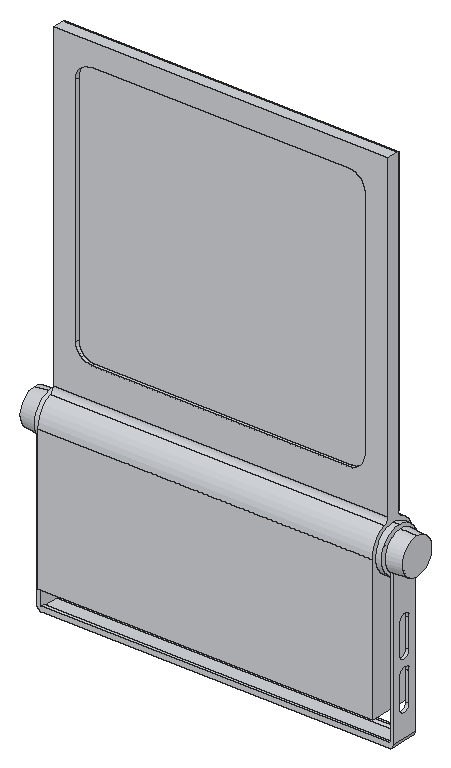
Revit family "63_PHILIPS_ClearFlood Large_BVP651", category Lighting Fixtures, host Face, Revit 2014 (continued)
Definition of nested family "BVP651 IES Data"
  Types (357, lengths in mm): name | Wattage | built-in parameter 1150134 | Photometric Web File | built-in parameter 1150105 | Lumens | Lamp | built-in parameter 1150107 | built-in parameter 1150106 | built-in parameter 1150104 | Apparent Load
    50K 1xECO_740 DC | 383 W | 12 | "BVP651 50K 1xECO_740 DC.ies" | 3978.9 (stored number, unit not read) | 50000 lm | "ECO/740/-" | 4000 (stored number, unit not read) | 39.789 (stored number, unit not read) | 12.128 (stored number, unit not read) | 383 VA
    50K 1xECO_740 DC LO | 383 W | 12 | "BVP651 50K 1xECO_740 DC LO.ies" | 3978.9 (stored number, unit not read) | 50000 lm | "ECO/740/-" | 4000 (stored number, unit not read) | 39.789 (stored number, unit not read) | 12.128 (stored number, unit not read) | 383 VA
    50K 1xECO_740 A60 | 383 W | 12 | "BVP651 50K 1xECO_740 A60.ies" | 3978.9 (stored number, unit not read) | 50000 lm | "ECO/740/-" | 4000 (stored number, unit not read) | 39.789 (stored number, unit not read) | 12.128 (stored number, unit not read) | 383 VA
    50K 1xECO_740 A60 LO | 383 W | 12 | "BVP651 50K 1xECO_740 A60 LO.ies" | 3978.9 (stored number, unit not read) | 50000 lm | "ECO/740/-" | 4000 (stored number, unit not read) | 39.789 (stored number, unit not read) | 12.128 (stored number, unit not read) | 383 VA
    50K 1xECO_740 A28-MB | 383 W | 12 | "BVP651 50K 1xECO_740 A28-MB.ies" | 3978.9 (stored number, unit not read) | 50000 lm | "ECO/740/-" | 4000 (stored number, unit not read) | 39.789 (stored number, unit not read) | 12.128 (stored number, unit not read) | 383 VA
    50K 1xECO_740 A28-MB LO | 383 W | 12 | "BVP651 50K 1xECO_740 A28-MB LO.ies" | 3978.9 (stored number, unit not read) | 50000 lm | "ECO/740/-" | 4000 (stored number, unit not read) | 39.789 (stored number, unit not read) | 12.128 (stored number, unit not read) | 383 VA
    49K 1xECO_730 OFA52 | 433 W | (empty or 0) | "BVP651 49K 1xECO_730 OFA52.ies" | 3899.3 (stored number, unit not read) | 49000 lm | "ECO/730/-" | 3000 (stored number, unit not read) | 38.993 (stored number, unit not read) | 10.513 (stored number, unit not read) | 433 VA
    49K 1xECO_730 OFA52 LO | 433 W | (empty or 0) | "BVP651 49K 1xECO_730 OFA52 LO.ies" | 3899.3 (stored number, unit not read) | 49000 lm | "ECO/730/-" | 3000 (stored number, unit not read) | 38.993 (stored number, unit not read) | 10.513 (stored number, unit not read) | 433 VA
    49K 1xECO_730 O-S | 433 W | (empty or 0) | "BVP651 49K 1xECO_730 O-S.ies" | 3899.3 (stored number, unit not read) | 49000 lm | "ECO/730/-" | 3000 (stored number, unit not read) | 38.993 (stored number, unit not read) | 10.513 (stored number, unit not read) | 433 VA
    49K 1xECO_730 NB | 433 W | (empty or 0) | "BVP651 49K 1xECO_730 NB.ies" | 3899.3 (stored number, unit not read) | 49000 lm | "ECO/730/-" | 3000 (stored number, unit not read) | 38.993 (stored number, unit not read) | 10.513 (stored number, unit not read) | 433 VA
    49K 1xECO_730 DW | 433 W | (empty or 0) | "BVP651 49K 1xECO_730 DW.ies" | 3899.3 (stored number, unit not read) | 49000 lm | "ECO/730/-" | 3000 (stored number, unit not read) | 38.993 (stored number, unit not read) | 10.513 (stored number, unit not read) | 433 VA
    49K 1xECO_730 DW LO | 433 W | (empty or 0) | "BVP651 49K 1xECO_730 DW LO.ies" | 3899.3 (stored number, unit not read) | 49000 lm | "ECO/730/-" | 3000 (stored number, unit not read) | 38.993 (stored number, unit not read) | 10.513 (stored number, unit not read) | 433 VA
    49K 1xECO_730 DSN | 433 W | (empty or 0) | "BVP651 49K 1xECO_730 DSN.ies" | 3899.3 (stored number, unit not read) | 49000 lm | "ECO/730/-" | 3000 (stored number, unit not read) | 38.993 (stored number, unit not read) | 10.513 (stored number, unit not read) | 433 VA
    49K 1xECO_730 DM | 433 W | (empty or 0) | "BVP651 49K 1xECO_730 DM.ies" | 3899.3 (stored number, unit not read) | 49000 lm | "ECO/730/-" | 3000 (stored number, unit not read) | 38.993 (stored number, unit not read) | 10.513 (stored number, unit not read) | 433 VA
    49K 1xECO_730 DM LO | 433 W | (empty or 0) | "BVP651 49K 1xECO_730 DM LO.ies" | 3899.3 (stored number, unit not read) | 49000 lm | "ECO/730/-" | 3000 (stored number, unit not read) | 38.993 (stored number, unit not read) | 10.513 (stored number, unit not read) | 433 VA
    49K 1xECO_730 DK | 433 W | (empty or 0) | "BVP651 49K 1xECO_730 DK.ies" | 3899.3 (stored number, unit not read) | 49000 lm | "ECO/730/-" | 3000 (stored number, unit not read) | 38.993 (stored number, unit not read) | 10.513 (stored number, unit not read) | 433 VA
    49K 1xECO_730 DK LO | 433 W | (empty or 0) | "BVP651 49K 1xECO_730 DK LO.ies" | 3899.3 (stored number, unit not read) | 49000 lm | "ECO/730/-" | 3000 (stored number, unit not read) | 38.993 (stored number, unit not read) | 10.513 (stored number, unit not read) | 433 VA
    49K 1xECO_730 DC | 433 W | (empty or 0) | "BVP651 49K 1xECO_730 DC.ies" | 3899.3 (stored number, unit not read) | 49000 lm | "ECO/730/-" | 3000 (stored number, unit not read) | 38.993 (stored number, unit not read) | 10.513 (stored number, unit not read) | 433 VA
    49K 1xECO_730 DC LO | 433 W | (empty or 0) | "BVP651 49K 1xECO_730 DC LO.ies" | 3899.3 (stored number, unit not read) | 49000 lm | "ECO/730/-" | 3000 (stored number, unit not read) | 38.993 (stored number, unit not read) | 10.513 (stored number, unit not read) | 433 VA
    49K 1xECO_730 A60 | 433 W | (empty or 0) | "BVP651 49K 1xECO_730 A60.ies" | 3899.3 (stored number, unit not read) | 49000 lm | "ECO/730/-" | 3000 (stored number, unit not read) | 38.993 (stored number, unit not read) | 10.513 (stored number, unit not read) | 433 VA
    49K 1xECO_730 A60 LO | 433 W | (empty or 0) | "BVP651 49K 1xECO_730 A60 LO.ies" | 3899.3 (stored number, unit not read) | 49000 lm | "ECO/730/-" | 3000 (stored number, unit not read) | 38.993 (stored number, unit not read) | 10.513 (stored number, unit not read) | 433 VA
    49K 1xECO_730 A28-MB | 433 W | (empty or 0) | "BVP651 49K 1xECO_730 A28-MB.ies" | 3899.3 (stored number, unit not read) | 49000 lm | "ECO/730/-" | 3000 (stored number, unit not read) | 38.993 (stored number, unit not read) | 10.513 (stored number, unit not read) | 433 VA
    49K 1xECO_730 A28-MB LO | 433 W | (empty or 0) | "BVP651 49K 1xECO_730 A28-MB LO.ies" | 3899.3 (stored number, unit not read) | 49000 lm | "ECO/730/-" | 3000 (stored number, unit not read) | 38.993 (stored number, unit not read) | 10.513 (stored number, unit not read) | 433 VA
    45K 1xECO_757 OFA52 | 336 W | (empty or 0) | "BVP651 45K 1xECO_757 OFA52.ies" | 3581 (stored number, unit not read) | 45000 lm | "ECO/757/-" | 5700 (stored number, unit not read) | 35.81 (stored number, unit not read) | 12.442 (stored number, unit not read) | 336 VA
    45K 1xECO_757 OFA52 LO | 336 W | (empty or 0) | "BVP651 45K 1xECO_757 OFA52 LO.ies" | 3581 (stored number, unit not read) | 45000 lm | "ECO/757/-" | 5700 (stored number, unit not read) | 35.81 (stored number, unit not read) | 12.442 (stored number, unit not read) | 336 VA
    45K 1xECO_757 O-S | 336 W | (empty or 0) | "BVP651 45K 1xECO_757 O-S.ies" | 3581 (stored number, unit not read) | 45000 lm | "ECO/757/-" | 5700 (stored number, unit not read) | 35.81 (stored number, unit not read) | 12.442 (stored number, unit not read) | 336 VA
    45K 1xECO_757 NB | 336 W | (empty or 0) | "BVP651 45K 1xECO_757 NB.ies" | 3581 (stored number, unit not read) | 45000 lm | "ECO/757/-" | 5700 (stored number, unit not read) | 35.81 (stored number, unit not read) | 12.442 (stored number, unit not read) | 336 VA
    45K 1xECO_757 DW | 336 W | (empty or 0) | "BVP651 45K 1xECO_757 DW.ies" | 3581 (stored number, unit not read) | 45000 lm | "ECO/757/-" | 5700 (stored number, unit not read) | 35.81 (stored number, unit not read) | 12.442 (stored number, unit not read) | 336 VA
    45K 1xECO_757 DW LO | 336 W | (empty or 0) | "BVP651 45K 1xECO_757 DW LO.ies" | 3581 (stored number, unit not read) | 45000 lm | "ECO/757/-" | 5700 (stored number, unit not read) | 35.81 (stored number, unit not read) | 12.442 (stored number, unit not read) | 336 VA
    45K 1xECO_757 DSN | 336 W | (empty or 0) | "BVP651 45K 1xECO_757 DSN.ies" | 3581 (stored number, unit not read) | 45000 lm | "ECO/757/-" | 5700 (stored number, unit not read) | 35.81 (stored number, unit not read) | 12.442 (stored number, unit not read) | 336 VA
    45K 1xECO_757 DM | 336 W | (empty or 0) | "BVP651 45K 1xECO_757 DM.ies" | 3581 (stored number, unit not read) | 45000 lm | "ECO/757/-" | 5700 (stored number, unit not read) | 35.81 (stored number, unit not read) | 12.442 (stored number, unit not read) | 336 VA
    45K 1xECO_757 DM LO | 336 W | (empty or 0) | "BVP651 45K 1xECO_757 DM LO.ies" | 3581 (stored number, unit not read) | 45000 lm | "ECO/757/-" | 5700 (stored number, unit not read) | 35.81 (stored number, unit not read) | 12.442 (stored number, unit not read) | 336 VA
    45K 1xECO_757 DK | 336 W | (empty or 0) | "BVP651 45K 1xECO_757 DK.ies" | 3581 (stored number, unit not read) | 45000 lm | "ECO/757/-" | 5700 (stored number, unit not read) | 35.81 (stored number, unit not read) | 12.442 (stored number, unit not read) | 336 VA
    45K 1xECO_757 DK LO | 336 W | (empty or 0) | "BVP651 45K 1xECO_757 DK LO.ies" | 3581 (stored number, unit not read) | 45000 lm | "ECO/757/-" | 5700 (stored number, unit not read) | 35.81 (stored number, unit not read) | 12.442 (stored number, unit not read) | 336 VA
    45K 1xECO_757 DC | 336 W | (empty or 0) | "BVP651 45K 1xECO_757 DC.ies" | 3581 (stored number, unit not read) | 45000 lm | "ECO/757/-" | 5700 (stored number, unit not read) | 35.81 (stored number, unit not read) | 12.442 (stored number, unit not read) | 336 VA
    45K 1xECO_757 DC LO | 336 W | (empty or 0) | "BVP651 45K 1xECO_757 DC LO.ies" | 3581 (stored number, unit not read) | 45000 lm | "ECO/757/-" | 5700 (stored number, unit not read) | 35.81 (stored number, unit not read) | 12.442 (stored number, unit not read) | 336 VA
    45K 1xECO_757 A60 | 336 W | (empty or 0) | "BVP651 45K 1xECO_757 A60.ies" | 3581 (stored number, unit not read) | 45000 lm | "ECO/757/-" | 5700 (stored number, unit not read) | 35.81 (stored number, unit not read) | 12.442 (stored number, unit not read) | 336 VA
    45K 1xECO_757 A60 LO | 336 W | (empty or 0) | "BVP651 45K 1xECO_757 A60 LO.ies" | 3581 (stored number, unit not read) | 45000 lm | "ECO/757/-" | 5700 (stored number, unit not read) | 35.81 (stored number, unit not read) | 12.442 (stored number, unit not read) | 336 VA
    45K 1xECO_757 A28-MB | 336 W | (empty or 0) | "BVP651 45K 1xECO_757 A28-MB.ies" | 3581 (stored number, unit not read) | 45000 lm | "ECO/757/-" | 5700 (stored number, unit not read) | 35.81 (stored number, unit not read) | 12.442 (stored number, unit not read) | 336 VA
    45K 1xECO_757 A28-MB LO | 336 W | (empty or 0) | "BVP651 45K 1xECO_757 A28-MB LO.ies" | 3581 (stored number, unit not read) | 45000 lm | "ECO/757/-" | 5700 (stored number, unit not read) | 35.81 (stored number, unit not read) | 12.442 (stored number, unit not read) | 336 VA
    45K 1xECO_740 OFA52 | 336 W | 12 | "BVP651 45K 1xECO_740 OFA52.ies" | 3581 (stored number, unit not read) | 45000 lm | "ECO/740/-" | 4000 (stored number, unit not read) | 35.81 (stored number, unit not read) | 12.442 (stored number, unit not read) | 336 VA
    45K 1xECO_740 OFA52 LO | 336 W | 12 | "BVP651 45K 1xECO_740 OFA52 LO.ies" | 3581 (stored number, unit not read) | 45000 lm | "ECO/740/-" | 4000 (stored number, unit not read) | 35.81 (stored number, unit not read) | 12.442 (stored number, unit not read) | 336 VA
    45K 1xECO_740 O-S | 336 W | 12 | "BVP651 45K 1xECO_740 O-S.ies" | 3581 (stored number, unit not read) | 45000 lm | "ECO/740/-" | 4000 (stored number, unit not read) | 35.81 (stored number, unit not read) | 12.442 (stored number, unit not read) | 336 VA
    45K 1xECO_740 NB | 336 W | 12 | "BVP651 45K 1xECO_740 NB.ies" | 3581 (stored number, unit not read) | 45000 lm | "ECO/740/-" | 4000 (stored number, unit not read) | 35.81 (stored number, unit not read) | 12.442 (stored number, unit not read) | 336 VA
    45K 1xECO_740 DW | 336 W | 12 | "BVP651 45K 1xECO_740 DW.ies" | 3581 (stored number, unit not read) | 45000 lm | "ECO/740/-" | 4000 (stored number, unit not read) | 35.81 (stored number, unit not read) | 12.442 (stored number, unit not read) | 336 VA
    45K 1xECO_740 DW LO | 336 W | 12 | "BVP651 45K 1xECO_740 DW LO.ies" | 3581 (stored number, unit not read) | 45000 lm | "ECO/740/-" | 4000 (stored number, unit not read) | 35.81 (stored number, unit not read) | 12.442 (stored number, unit not read) | 336 VA
    45K 1xECO_740 DSN | 336 W | 12 | "BVP651 45K 1xECO_740 DSN.ies" | 3581 (stored number, unit not read) | 45000 lm | "ECO/740/-" | 4000 (stored number, unit not read) | 35.81 (stored number, unit not read) | 12.442 (stored number, unit not read) | 336 VA
    45K 1xECO_740 DM | 336 W | 12 | "BVP651 45K 1xECO_740 DM.ies" | 3581 (stored number, unit not read) | 45000 lm | "ECO/740/-" | 4000 (stored number, unit not read) | 35.81 (stored number, unit not read) | 12.442 (stored number, unit not read) | 336 VA
    45K 1xECO_740 DM LO | 336 W | 12 | "BVP651 45K 1xECO_740 DM LO.ies" | 3581 (stored number, unit not read) | 45000 lm | "ECO/740/-" | 4000 (stored number, unit not read) | 35.81 (stored number, unit not read) | 12.442 (stored number, unit not read) | 336 VA
    45K 1xECO_740 DK | 336 W | 12 | "BVP651 45K 1xECO_740 DK.ies" | 3581 (stored number, unit not read) | 45000 lm | "ECO/740/-" | 4000 (stored number, unit not read) | 35.81 (stored number, unit not read) | 12.442 (stored number, unit not read) | 336 VA
    45K 1xECO_740 DK LO | 336 W | 12 | "BVP651 45K 1xECO_740 DK LO.ies" | 3581 (stored number, unit not read) | 45000 lm | "ECO/740/-" | 4000 (stored number, unit not read) | 35.81 (stored number, unit not read) | 12.442 (stored number, unit not read) | 336 VA
    45K 1xECO_740 DC | 336 W | 12 | "BVP651 45K 1xECO_740 DC.ies" | 3581 (stored number, unit not read) | 45000 lm | "ECO/740/-" | 4000 (stored number, unit not read) | 35.81 (stored number, unit not read) | 12.442 (stored number, unit not read) | 336 VA
    45K 1xECO_740 DC LO | 336 W | 12 | "BVP651 45K 1xECO_740 DC LO.ies" | 3581 (stored number, unit not read) | 45000 lm | "ECO/740/-" | 4000 (stored number, unit not read) | 35.81 (stored number, unit not read) | 12.442 (stored number, unit not read) | 336 VA
    45K 1xECO_740 A60 | 336 W | 12 | "BVP651 45K 1xECO_740 A60.ies" | 3581 (stored number, unit not read) | 45000 lm | "ECO/740/-" | 4000 (stored number, unit not read) | 35.81 (stored number, unit not read) | 12.442 (stored number, unit not read) | 336 VA
    45K 1xECO_740 A60 LO | 336 W | 12 | "BVP651 45K 1xECO_740 A60 LO.ies" | 3581 (stored number, unit not read) | 45000 lm | "ECO/740/-" | 4000 (stored number, unit not read) | 35.81 (stored number, unit not read) | 12.442 (stored number, unit not read) | 336 VA
    45K 1xECO_740 A28-MB | 336 W | 12 | "BVP651 45K 1xECO_740 A28-MB.ies" | 3581 (stored number, unit not read) | 45000 lm | "ECO/740/-" | 4000 (stored number, unit not read) | 35.81 (stored number, unit not read) | 12.442 (stored number, unit not read) | 336 VA
    45K 1xECO_740 A28-MB LO | 336 W | 12 | "BVP651 45K 1xECO_740 A28-MB LO.ies" | 3581 (stored number, unit not read) | 45000 lm | "ECO/740/-" | 4000 (stored number, unit not read) | 35.81 (stored number, unit not read) | 12.442 (stored number, unit not read) | 336 VA
    44K 1xECO_730 OFA52 | 383 W | (empty or 0) | "BVP651 44K 1xECO_730 OFA52.ies" | 3501.4 (stored number, unit not read) | 44000 lm | "ECO/730/-" | 3000 (stored number, unit not read) | 35.014 (stored number, unit not read) | 10.673 (stored number, unit not read) | 383 VA
    44K 1xECO_730 OFA52 LO | 383 W | (empty or 0) | "BVP651 44K 1xECO_730 OFA52 LO.ies" | 3501.4 (stored number, unit not read) | 44000 lm | "ECO/730/-" | 3000 (stored number, unit not read) | 35.014 (stored number, unit not read) | 10.673 (stored number, unit not read) | 383 VA
    44K 1xECO_730 O-S | 383 W | (empty or 0) | "BVP651 44K 1xECO_730 O-S.ies" | 3501.4 (stored number, unit not read) | 44000 lm | "ECO/730/-" | 3000 (stored number, unit not read) | 35.014 (stored number, unit not read) | 10.673 (stored number, unit not read) | 383 VA
    44K 1xECO_730 NB | 383 W | (empty or 0) | "BVP651 44K 1xECO_730 NB.ies" | 3501.4 (stored number, unit not read) | 44000 lm | "ECO/730/-" | 3000 (stored number, unit not read) | 35.014 (stored number, unit not read) | 10.673 (stored number, unit not read) | 383 VA
    44K 1xECO_730 DW | 383 W | (empty or 0) | "BVP651 44K 1xECO_730 DW.ies" | 3501.4 (stored number, unit not read) | 44000 lm | "ECO/730/-" | 3000 (stored number, unit not read) | 35.014 (stored number, unit not read) | 10.673 (stored number, unit not read) | 383 VA
    44K 1xECO_730 DW LO | 383 W | (empty or 0) | "BVP651 44K 1xECO_730 DW LO.ies" | 3501.4 (stored number, unit not read) | 44000 lm | "ECO/730/-" | 3000 (stored number, unit not read) | 35.014 (stored number, unit not read) | 10.673 (stored number, unit not read) | 383 VA
    44K 1xECO_730 DSN | 383 W | (empty or 0) | "BVP651 44K 1xECO_730 DSN.ies" | 3501.4 (stored number, unit not read) | 44000 lm | "ECO/730/-" | 3000 (stored number, unit not read) | 35.014 (stored number, unit not read) | 10.673 (stored number, unit not read) | 383 VA
    44K 1xECO_730 DM | 383 W | (empty or 0) | "BVP651 44K 1xECO_730 DM.ies" | 3501.4 (stored number, unit not read) | 44000 lm | "ECO/730/-" | 3000 (stored number, unit not read) | 35.014 (stored number, unit not read) | 10.673 (stored number, unit not read) | 383 VA
    44K 1xECO_730 DM LO | 383 W | (empty or 0) | "BVP651 44K 1xECO_730 DM LO.ies" | 3501.4 (stored number, unit not read) | 44000 lm | "ECO/730/-" | 3000 (stored number, unit not read) | 35.014 (stored number, unit not read) | 10.673 (stored number, unit not read) | 383 VA
    44K 1xECO_730 DK | 383 W | (empty or 0) | "BVP651 44K 1xECO_730 DK.ies" | 3501.4 (stored number, unit not read) | 44000 lm | "ECO/730/-" | 3000 (stored number, unit not read) | 35.014 (stored number, unit not read) | 10.673 (stored number, unit not read) | 383 VA
    44K 1xECO_730 DK LO | 383 W | (empty or 0) | "BVP651 44K 1xECO_730 DK LO.ies" | 3501.4 (stored number, unit not read) | 44000 lm | "ECO/730/-" | 3000 (stored number, unit not read) | 35.014 (stored number, unit not read) | 10.673 (stored number, unit not read) | 383 VA
    44K 1xECO_730 DC | 383 W | (empty or 0) | "BVP651 44K 1xECO_730 DC.ies" | 3501.4 (stored number, unit not read) | 44000 lm | "ECO/730/-" | 3000 (stored number, unit not read) | 35.014 (stored number, unit not read) | 10.673 (stored number, unit not read) | 383 VA
    44K 1xECO_730 DC LO | 383 W | (empty or 0) | "BVP651 44K 1xECO_730 DC LO.ies" | 3501.4 (stored number, unit not read) | 44000 lm | "ECO/730/-" | 3000 (stored number, unit not read) | 35.014 (stored number, unit not read) | 10.673 (stored number, unit not read) | 383 VA
    44K 1xECO_730 A60 | 383 W | (empty or 0) | "BVP651 44K 1xECO_730 A60.ies" | 3501.4 (stored number, unit not read) | 44000 lm | "ECO/730/-" | 3000 (stored number, unit not read) | 35.014 (stored number, unit not read) | 10.673 (stored number, unit not read) | 383 VA
    44K 1xECO_730 A60 LO | 383 W | (empty or 0) | "BVP651 44K 1xECO_730 A60 LO.ies" | 3501.4 (stored number, unit not read) | 44000 lm | "ECO/730/-" | 3000 (stored number, unit not read) | 35.014 (stored number, unit not read) | 10.673 (stored number, unit not read) | 383 VA
    44K 1xECO_730 A28-MB | 383 W | (empty or 0) | "BVP651 44K 1xECO_730 A28-MB.ies" | 3501.4 (stored number, unit not read) | 44000 lm | "ECO/730/-" | 3000 (stored number, unit not read) | 35.014 (stored number, unit not read) | 10.673 (stored number, unit not read) | 383 VA
    44K 1xECO_730 A28-MB LO | 383 W | (empty or 0) | "BVP651 44K 1xECO_730 A28-MB LO.ies" | 3501.4 (stored number, unit not read) | 44000 lm | "ECO/730/-" | 3000 (stored number, unit not read) | 35.014 (stored number, unit not read) | 10.673 (stored number, unit not read) | 383 VA
    40K 1xECO_757 OFA52 | 293 W | (empty or 0) | "BVP651 40K 1xECO_757 OFA52.ies" | 3183.1 (stored number, unit not read) | 40000 lm | "ECO/757/-" | 5700 (stored number, unit not read) | 31.831 (stored number, unit not read) | 12.683 (stored number, unit not read) | 293 VA
    40K 1xECO_757 OFA52 LO | 293 W | (empty or 0) | "BVP651 40K 1xECO_757 OFA52 LO.ies" | 3183.1 (stored number, unit not read) | 40000 lm | "ECO/757/-" | 5700 (stored number, unit not read) | 31.831 (stored number, unit not read) | 12.683 (stored number, unit not read) | 293 VA
    40K 1xECO_757 O-S | 293 W | (empty or 0) | "BVP651 40K 1xECO_757 O-S.ies" | 3183.1 (stored number, unit not read) | 40000 lm | "ECO/757/-" | 5700 (stored number, unit not read) | 31.831 (stored number, unit not read) | 12.683 (stored number, unit not read) | 293 VA
    40K 1xECO_757 NB | 293 W | (empty or 0) | "BVP651 40K 1xECO_757 NB.ies" | 3183.1 (stored number, unit not read) | 40000 lm | "ECO/757/-" | 5700 (stored number, unit not read) | 31.831 (stored number, unit not read) | 12.683 (stored number, unit not read) | 293 VA
    40K 1xECO_757 DW | 293 W | (empty or 0) | "BVP651 40K 1xECO_757 DW.ies" | 3183.1 (stored number, unit not read) | 40000 lm | "ECO/757/-" | 5700 (stored number, unit not read) | 31.831 (stored number, unit not read) | 12.683 (stored number, unit not read) | 293 VA
    40K 1xECO_757 DW LO | 293 W | (empty or 0) | "BVP651 40K 1xECO_757 DW LO.ies" | 3183.1 (stored number, unit not read) | 40000 lm | "ECO/757/-" | 5700 (stored number, unit not read) | 31.831 (stored number, unit not read) | 12.683 (stored number, unit not read) | 293 VA
    40K 1xECO_757 DSN | 293 W | (empty or 0) | "BVP651 40K 1xECO_757 DSN.ies" | 3183.1 (stored number, unit not read) | 40000 lm | "ECO/757/-" | 5700 (stored number, unit not read) | 31.831 (stored number, unit not read) | 12.683 (stored number, unit not read) | 293 VA
    40K 1xECO_757 DM | 293 W | (empty or 0) | "BVP651 40K 1xECO_757 DM.ies" | 3183.1 (stored number, unit not read) | 40000 lm | "ECO/757/-" | 5700 (stored number, unit not read) | 31.831 (stored number, unit not read) | 12.683 (stored number, unit not read) | 293 VA
    40K 1xECO_757 DM LO | 293 W | (empty or 0) | "BVP651 40K 1xECO_757 DM LO.ies" | 3183.1 (stored number, unit not read) | 40000 lm | "ECO/757/-" | 5700 (stored number, unit not read) | 31.831 (stored number, unit not read) | 12.683 (stored number, unit not read) | 293 VA
    40K 1xECO_757 DK | 293 W | (empty or 0) | "BVP651 40K 1xECO_757 DK.ies" | 3183.1 (stored number, unit not read) | 40000 lm | "ECO/757/-" | 5700 (stored number, unit not read) | 31.831 (stored number, unit not read) | 12.683 (stored number, unit not read) | 293 VA
    40K 1xECO_757 DK LO | 293 W | (empty or 0) | "BVP651 40K 1xECO_757 DK LO.ies" | 3183.1 (stored number, unit not read) | 40000 lm | "ECO/757/-" | 5700 (stored number, unit not read) | 31.831 (stored number, unit not read) | 12.683 (stored number, unit not read) | 293 VA
    40K 1xECO_757 DC | 293 W | (empty or 0) | "BVP651 40K 1xECO_757 DC.ies" | 3183.1 (stored number, unit not read) | 40000 lm | "ECO/757/-" | 5700 (stored number, unit not read) | 31.831 (stored number, unit not read) | 12.683 (stored number, unit not read) | 293 VA
    40K 1xECO_757 DC LO | 293 W | (empty or 0) | "BVP651 40K 1xECO_757 DC LO.ies" | 3183.1 (stored number, unit not read) | 40000 lm | "ECO/757/-" | 5700 (stored number, unit not read) | 31.831 (stored number, unit not read) | 12.683 (stored number, unit not read) | 293 VA
    40K 1xECO_757 A60 | 293 W | (empty or 0) | "BVP651 40K 1xECO_757 A60.ies" | 3183.1 (stored number, unit not read) | 40000 lm | "ECO/757/-" | 5700 (stored number, unit not read) | 31.831 (stored number, unit not read) | 12.683 (stored number, unit not read) | 293 VA
    40K 1xECO_757 A60 LO | 293 W | (empty or 0) | "BVP651 40K 1xECO_757 A60 LO.ies" | 3183.1 (stored number, unit not read) | 40000 lm | "ECO/757/-" | 5700 (stored number, unit not read) | 31.831 (stored number, unit not read) | 12.683 (stored number, unit not read) | 293 VA
    40K 1xECO_757 A28-MB | 293 W | (empty or 0) | "BVP651 40K 1xECO_757 A28-MB.ies" | 3183.1 (stored number, unit not read) | 40000 lm | "ECO/757/-" | 5700 (stored number, unit not read) | 31.831 (stored number, unit not read) | 12.683 (stored number, unit not read) | 293 VA
    40K 1xECO_757 A28-MB LO | 293 W | (empty or 0) | "BVP651 40K 1xECO_757 A28-MB LO.ies" | 3183.1 (stored number, unit not read) | 40000 lm | "ECO/757/-" | 5700 (stored number, unit not read) | 31.831 (stored number, unit not read) | 12.683 (stored number, unit not read) | 293 VA
    40K 1xECO_740 OFA52 | 293 W | 12 | "BVP651 40K 1xECO_740 OFA52.ies" | 3183.1 (stored number, unit not read) | 40000 lm | "ECO/740/-" | 4000 (stored number, unit not read) | 31.831 (stored number, unit not read) | 12.683 (stored number, unit not read) | 293 VA
    40K 1xECO_740 OFA52 LO | 293 W | 12 | "BVP651 40K 1xECO_740 OFA52 LO.ies" | 3183.1 (stored number, unit not read) | 40000 lm | "ECO/740/-" | 4000 (stored number, unit not read) | 31.831 (stored number, unit not read) | 12.683 (stored number, unit not read) | 293 VA
    40K 1xECO_740 O-S | 293 W | 12 | "BVP651 40K 1xECO_740 O-S.ies" | 3183.1 (stored number, unit not read) | 40000 lm | "ECO/740/-" | 4000 (stored number, unit not read) | 31.831 (stored number, unit not read) | 12.683 (stored number, unit not read) | 293 VA
    40K 1xECO_740 NB | 293 W | 12 | "BVP651 40K 1xECO_740 NB.ies" | 3183.1 (stored number, unit not read) | 40000 lm | "ECO/740/-" | 4000 (stored number, unit not read) | 31.831 (stored number, unit not read) | 12.683 (stored number, unit not read) | 293 VA
    40K 1xECO_740 DW | 293 W | 12 | "BVP651 40K 1xECO_740 DW.ies" | 3183.1 (stored number, unit not read) | 40000 lm | "ECO/740/-" | 4000 (stored number, unit not read) | 31.831 (stored number, unit not read) | 12.683 (stored number, unit not read) | 293 VA
    40K 1xECO_740 DW LO | 293 W | 12 | "BVP651 40K 1xECO_740 DW LO.ies" | 3183.1 (stored number, unit not read) | 40000 lm | "ECO/740/-" | 4000 (stored number, unit not read) | 31.831 (stored number, unit not read) | 12.683 (stored number, unit not read) | 293 VA
    40K 1xECO_740 DSN | 293 W | 12 | "BVP651 40K 1xECO_740 DSN.ies" | 3183.1 (stored number, unit not read) | 40000 lm | "ECO/740/-" | 4000 (stored number, unit not read) | 31.831 (stored number, unit not read) | 12.683 (stored number, unit not read) | 293 VA
    40K 1xECO_740 DM | 293 W | 12 | "BVP651 40K 1xECO_740 DM.ies" | 3183.1 (stored number, unit not read) | 40000 lm | "ECO/740/-" | 4000 (stored number, unit not read) | 31.831 (stored number, unit not read) | 12.683 (stored number, unit not read) | 293 VA
    40K 1xECO_740 DM LO | 293 W | 12 | "BVP651 40K 1xECO_740 DM LO.ies" | 3183.1 (stored number, unit not read) | 40000 lm | "ECO/740/-" | 4000 (stored number, unit not read) | 31.831 (stored number, unit not read) | 12.683 (stored number, unit not read) | 293 VA
    40K 1xECO_740 DK | 293 W | 12 | "BVP651 40K 1xECO_740 DK.ies" | 3183.1 (stored number, unit not read) | 40000 lm | "ECO/740/-" | 4000 (stored number, unit not read) | 31.831 (stored number, unit not read) | 12.683 (stored number, unit not read) | 293 VA
    40K 1xECO_740 DK LO | 293 W | 12 | "BVP651 40K 1xECO_740 DK LO.ies" | 3183.1 (stored number, unit not read) | 40000 lm | "ECO/740/-" | 4000 (stored number, unit not read) | 31.831 (stored number, unit not read) | 12.683 (stored number, unit not read) | 293 VA
    40K 1xECO_740 DC | 293 W | 12 | "BVP651 40K 1xECO_740 DC.ies" | 3183.1 (stored number, unit not read) | 40000 lm | "ECO/740/-" | 4000 (stored number, unit not read) | 31.831 (stored number, unit not read) | 12.683 (stored number, unit not read) | 293 VA
    40K 1xECO_740 DC LO | 293 W | 12 | "BVP651 40K 1xECO_740 DC LO.ies" | 3183.1 (stored number, unit not read) | 40000 lm | "ECO/740/-" | 4000 (stored number, unit not read) | 31.831 (stored number, unit not read) | 12.683 (stored number, unit not read) | 293 VA
    40K 1xECO_740 A60 | 293 W | 12 | "BVP651 40K 1xECO_740 A60.ies" | 3183.1 (stored number, unit not read) | 40000 lm | "ECO/740/-" | 4000 (stored number, unit not read) | 31.831 (stored number, unit not read) | 12.683 (stored number, unit not read) | 293 VA
    40K 1xECO_740 A60 LO | 293 W | 12 | "BVP651 40K 1xECO_740 A60 LO.ies" | 3183.1 (stored number, unit not read) | 40000 lm | "ECO/740/-" | 4000 (stored number, unit not read) | 31.831 (stored number, unit not read) | 12.683 (stored number, unit not read) | 293 VA
    40K 1xECO_740 A28-MB | 293 W | 12 | "BVP651 40K 1xECO_740 A28-MB.ies" | 3183.1 (stored number, unit not read) | 40000 lm | "ECO/740/-" | 4000 (stored number, unit not read) | 31.831 (stored number, unit not read) | 12.683 (stored number, unit not read) | 293 VA
    40K 1xECO_740 A28-MB LO | 293 W | 12 | "BVP651 40K 1xECO_740 A28-MB LO.ies" | 3183.1 (stored number, unit not read) | 40000 lm | "ECO/740/-" | 4000 (stored number, unit not read) | 31.831 (stored number, unit not read) | 12.683 (stored number, unit not read) | 293 VA
    40K 1xECO_730 OFA52 | 336 W | (empty or 0) | "BVP651 40K 1xECO_730 OFA52.ies" | 3183.1 (stored number, unit not read) | 40000 lm | "ECO/730/-" | 3000 (stored number, unit not read) | 31.831 (stored number, unit not read) | 11.06 (stored number, unit not read) | 336 VA
    40K 1xECO_730 OFA52 LO | 336 W | (empty or 0) | "BVP651 40K 1xECO_730 OFA52 LO.ies" | 3183.1 (stored number, unit not read) | 40000 lm | "ECO/730/-" | 3000 (stored number, unit not read) | 31.831 (stored number, unit not read) | 11.06 (stored number, unit not read) | 336 VA
    40K 1xECO_730 O-S | 336 W | (empty or 0) | "BVP651 40K 1xECO_730 O-S.ies" | 3183.1 (stored number, unit not read) | 40000 lm | "ECO/730/-" | 3000 (stored number, unit not read) | 31.831 (stored number, unit not read) | 11.06 (stored number, unit not read) | 336 VA
    40K 1xECO_730 NB | 336 W | (empty or 0) | "BVP651 40K 1xECO_730 NB.ies" | 3183.1 (stored number, unit not read) | 40000 lm | "ECO/730/-" | 3000 (stored number, unit not read) | 31.831 (stored number, unit not read) | 11.06 (stored number, unit not read) | 336 VA
    40K 1xECO_730 DW | 336 W | (empty or 0) | "BVP651 40K 1xECO_730 DW.ies" | 3183.1 (stored number, unit not read) | 40000 lm | "ECO/730/-" | 3000 (stored number, unit not read) | 31.831 (stored number, unit not read) | 11.06 (stored number, unit not read) | 336 VA
    40K 1xECO_730 DW LO | 336 W | (empty or 0) | "BVP651 40K 1xECO_730 DW LO.ies" | 3183.1 (stored number, unit not read) | 40000 lm | "ECO/730/-" | 3000 (stored number, unit not read) | 31.831 (stored number, unit not read) | 11.06 (stored number, unit not read) | 336 VA
    40K 1xECO_730 DSN | 336 W | (empty or 0) | "BVP651 40K 1xECO_730 DSN.ies" | 3183.1 (stored number, unit not read) | 40000 lm | "ECO/730/-" | 3000 (stored number, unit not read) | 31.831 (stored number, unit not read) | 11.06 (stored number, unit not read) | 336 VA
    40K 1xECO_730 DM | 336 W | (empty or 0) | "BVP651 40K 1xECO_730 DM.ies" | 3183.1 (stored number, unit not read) | 40000 lm | "ECO/730/-" | 3000 (stored number, unit not read) | 31.831 (stored number, unit not read) | 11.06 (stored number, unit not read) | 336 VA
    40K 1xECO_730 DM LO | 336 W | (empty or 0) | "BVP651 40K 1xECO_730 DM LO.ies" | 3183.1 (stored number, unit not read) | 40000 lm | "ECO/730/-" | 3000 (stored number, unit not read) | 31.831 (stored number, unit not read) | 11.06 (stored number, unit not read) | 336 VA
    40K 1xECO_730 DK | 336 W | (empty or 0) | "BVP651 40K 1xECO_730 DK.ies" | 3183.1 (stored number, unit not read) | 40000 lm | "ECO/730/-" | 3000 (stored number, unit not read) | 31.831 (stored number, unit not read) | 11.06 (stored number, unit not read) | 336 VA
    40K 1xECO_730 DK LO | 336 W | (empty or 0) | "BVP651 40K 1xECO_730 DK LO.ies" | 3183.1 (stored number, unit not read) | 40000 lm | "ECO/730/-" | 3000 (stored number, unit not read) | 31.831 (stored number, unit not read) | 11.06 (stored number, unit not read) | 336 VA
    40K 1xECO_730 DC | 336 W | (empty or 0) | "BVP651 40K 1xECO_730 DC.ies" | 3183.1 (stored number, unit not read) | 40000 lm | "ECO/730/-" | 3000 (stored number, unit not read) | 31.831 (stored number, unit not read) | 11.06 (stored number, unit not read) | 336 VA
    40K 1xECO_730 DC LO | 336 W | (empty or 0) | "BVP651 40K 1xECO_730 DC LO.ies" | 3183.1 (stored number, unit not read) | 40000 lm | "ECO/730/-" | 3000 (stored number, unit not read) | 31.831 (stored number, unit not read) | 11.06 (stored number, unit not read) | 336 VA
    40K 1xECO_730 A60 | 336 W | (empty or 0) | "BVP651 40K 1xECO_730 A60.ies" | 3183.1 (stored number, unit not read) | 40000 lm | "ECO/730/-" | 3000 (stored number, unit not read) | 31.831 (stored number, unit not read) | 11.06 (stored number, unit not read) | 336 VA
    40K 1xECO_730 A60 LO | 336 W | (empty or 0) | "BVP651 40K 1xECO_730 A60 LO.ies" | 3183.1 (stored number, unit not read) | 40000 lm | "ECO/730/-" | 3000 (stored number, unit not read) | 31.831 (stored number, unit not read) | 11.06 (stored number, unit not read) | 336 VA
    40K 1xECO_730 A28-MB | 336 W | (empty or 0) | "BVP651 40K 1xECO_730 A28-MB.ies" | 3183.1 (stored number, unit not read) | 40000 lm | "ECO/730/-" | 3000 (stored number, unit not read) | 31.831 (stored number, unit not read) | 11.06 (stored number, unit not read) | 336 VA
    40K 1xECO_730 A28-MB LO | 336 W | (empty or 0) | "BVP651 40K 1xECO_730 A28-MB LO.ies" | 3183.1 (stored number, unit not read) | 40000 lm | "ECO/730/-" | 3000 (stored number, unit not read) | 31.831 (stored number, unit not read) | 11.06 (stored number, unit not read) | 336 VA
    36K 1xECO_730 OFA52 | 293 W | (empty or 0) | "BVP651 36K 1xECO_730 OFA52.ies" | 2864.8 (stored number, unit not read) | 36000 lm | "ECO/730/-" | 3000 (stored number, unit not read) | 28.648 (stored number, unit not read) | 11.415 (stored number, unit not read) | 293 VA
    36K 1xECO_730 OFA52 LO | 293 W | (empty or 0) | "BVP651 36K 1xECO_730 OFA52 LO.ies" | 2864.8 (stored number, unit not read) | 36000 lm | "ECO/730/-" | 3000 (stored number, unit not read) | 28.648 (stored number, unit not read) | 11.415 (stored number, unit not read) | 293 VA
    36K 1xECO_730 O-S | 293 W | (empty or 0) | "BVP651 36K 1xECO_730 O-S.ies" | 2864.8 (stored number, unit not read) | 36000 lm | "ECO/730/-" | 3000 (stored number, unit not read) | 28.648 (stored number, unit not read) | 11.415 (stored number, unit not read) | 293 VA
    36K 1xECO_730 NB | 293 W | (empty or 0) | "BVP651 36K 1xECO_730 NB.ies" | 2864.8 (stored number, unit not read) | 36000 lm | "ECO/730/-" | 3000 (stored number, unit not read) | 28.648 (stored number, unit not read) | 11.415 (stored number, unit not read) | 293 VA
    36K 1xECO_730 DW | 293 W | (empty or 0) | "BVP651 36K 1xECO_730 DW.ies" | 2864.8 (stored number, unit not read) | 36000 lm | "ECO/730/-" | 3000 (stored number, unit not read) | 28.648 (stored number, unit not read) | 11.415 (stored number, unit not read) | 293 VA
    36K 1xECO_730 DW LO | 293 W | (empty or 0) | "BVP651 36K 1xECO_730 DW LO.ies" | 2864.8 (stored number, unit not read) | 36000 lm | "ECO/730/-" | 3000 (stored number, unit not read) | 28.648 (stored number, unit not read) | 11.415 (stored number, unit not read) | 293 VA
    36K 1xECO_730 DSN | 293 W | (empty or 0) | "BVP651 36K 1xECO_730 DSN.ies" | 2864.8 (stored number, unit not read) | 36000 lm | "ECO/730/-" | 3000 (stored number, unit not read) | 28.648 (stored number, unit not read) | 11.415 (stored number, unit not read) | 293 VA
    36K 1xECO_730 DM | 293 W | (empty or 0) | "BVP651 36K 1xECO_730 DM.ies" | 2864.8 (stored number, unit not read) | 36000 lm | "ECO/730/-" | 3000 (stored number, unit not read) | 28.648 (stored number, unit not read) | 11.415 (stored number, unit not read) | 293 VA
    36K 1xECO_730 DM LO | 293 W | (empty or 0) | "BVP651 36K 1xECO_730 DM LO.ies" | 2864.8 (stored number, unit not read) | 36000 lm | "ECO/730/-" | 3000 (stored number, unit not read) | 28.648 (stored number, unit not read) | 11.415 (stored number, unit not read) | 293 VA
    36K 1xECO_730 DK | 293 W | (empty or 0) | "BVP651 36K 1xECO_730 DK.ies" | 2864.8 (stored number, unit not read) | 36000 lm | "ECO/730/-" | 3000 (stored number, unit not read) | 28.648 (stored number, unit not read) | 11.415 (stored number, unit not read) | 293 VA
    36K 1xECO_730 DK LO | 293 W | (empty or 0) | "BVP651 36K 1xECO_730 DK LO.ies" | 2864.8 (stored number, unit not read) | 36000 lm | "ECO/730/-" | 3000 (stored number, unit not read) | 28.648 (stored number, unit not read) | 11.415 (stored number, unit not read) | 293 VA
    36K 1xECO_730 DC | 293 W | (empty or 0) | "BVP651 36K 1xECO_730 DC.ies" | 2864.8 (stored number, unit not read) | 36000 lm | "ECO/730/-" | 3000 (stored number, unit not read) | 28.648 (stored number, unit not read) | 11.415 (stored number, unit not read) | 293 VA
    36K 1xECO_730 DC LO | 293 W | (empty or 0) | "BVP651 36K 1xECO_730 DC LO.ies" | 2864.8 (stored number, unit not read) | 36000 lm | "ECO/730/-" | 3000 (stored number, unit not read) | 28.648 (stored number, unit not read) | 11.415 (stored number, unit not read) | 293 VA
    36K 1xECO_730 A60 | 293 W | (empty or 0) | "BVP651 36K 1xECO_730 A60.ies" | 2864.8 (stored number, unit not read) | 36000 lm | "ECO/730/-" | 3000 (stored number, unit not read) | 28.648 (stored number, unit not read) | 11.415 (stored number, unit not read) | 293 VA
    36K 1xECO_730 A60 LO | 293 W | (empty or 0) | "BVP651 36K 1xECO_730 A60 LO.ies" | 2864.8 (stored number, unit not read) | 36000 lm | "ECO/730/-" | 3000 (stored number, unit not read) | 28.648 (stored number, unit not read) | 11.415 (stored number, unit not read) | 293 VA
    36K 1xECO_730 A28-MB | 293 W | (empty or 0) | "BVP651 36K 1xECO_730 A28-MB.ies" | 2864.8 (stored number, unit not read) | 36000 lm | "ECO/730/-" | 3000 (stored number, unit not read) | 28.648 (stored number, unit not read) | 11.415 (stored number, unit not read) | 293 VA
    36K 1xECO_730 A28-MB LO | 293 W | (empty or 0) | "BVP651 36K 1xECO_730 A28-MB LO.ies" | 2864.8 (stored number, unit not read) | 36000 lm | "ECO/730/-" | 3000 (stored number, unit not read) | 28.648 (stored number, unit not read) | 11.415 (stored number, unit not read) | 293 VA
    35K 1xECO_757 OFA52 | 252 W | (empty or 0) | "BVP651 35K 1xECO_757 OFA52.ies" | 2785.2 (stored number, unit not read) | 35000 lm | "ECO/757/-" | 5700 (stored number, unit not read) | 27.852 (stored number, unit not read) | 12.903 (stored number, unit not read) | 252 VA
    35K 1xECO_757 OFA52 LO | 252 W | (empty or 0) | "BVP651 35K 1xECO_757 OFA52 LO.ies" | 2785.2 (stored number, unit not read) | 35000 lm | "ECO/757/-" | 5700 (stored number, unit not read) | 27.852 (stored number, unit not read) | 12.903 (stored number, unit not read) | 252 VA
    35K 1xECO_757 O-S | 252 W | (empty or 0) | "BVP651 35K 1xECO_757 O-S.ies" | 2785.2 (stored number, unit not read) | 35000 lm | "ECO/757/-" | 5700 (stored number, unit not read) | 27.852 (stored number, unit not read) | 12.903 (stored number, unit not read) | 252 VA
    35K 1xECO_757 NB | 252 W | (empty or 0) | "BVP651 35K 1xECO_757 NB.ies" | 2785.2 (stored number, unit not read) | 35000 lm | "ECO/757/-" | 5700 (stored number, unit not read) | 27.852 (stored number, unit not read) | 12.903 (stored number, unit not read) | 252 VA
    35K 1xECO_757 DW | 252 W | (empty or 0) | "BVP651 35K 1xECO_757 DW.ies" | 2785.2 (stored number, unit not read) | 35000 lm | "ECO/757/-" | 5700 (stored number, unit not read) | 27.852 (stored number, unit not read) | 12.903 (stored number, unit not read) | 252 VA
    35K 1xECO_757 DW LO | 252 W | (empty or 0) | "BVP651 35K 1xECO_757 DW LO.ies" | 2785.2 (stored number, unit not read) | 35000 lm | "ECO/757/-" | 5700 (stored number, unit not read) | 27.852 (stored number, unit not read) | 12.903 (stored number, unit not read) | 252 VA
    35K 1xECO_757 DSN | 252 W | (empty or 0) | "BVP651 35K 1xECO_757 DSN.ies" | 2785.2 (stored number, unit not read) | 35000 lm | "ECO/757/-" | 5700 (stored number, unit not read) | 27.852 (stored number, unit not read) | 12.903 (stored number, unit not read) | 252 VA
    35K 1xECO_757 DM | 252 W | (empty or 0) | "BVP651 35K 1xECO_757 DM.ies" | 2785.2 (stored number, unit not read) | 35000 lm | "ECO/757/-" | 5700 (stored number, unit not read) | 27.852 (stored number, unit not read) | 12.903 (stored number, unit not read) | 252 VA
    35K 1xECO_757 DM LO | 252 W | (empty or 0) | "BVP651 35K 1xECO_757 DM LO.ies" | 2785.2 (stored number, unit not read) | 35000 lm | "ECO/757/-" | 5700 (stored number, unit not read) | 27.852 (stored number, unit not read) | 12.903 (stored number, unit not read) | 252 VA
    35K 1xECO_757 DK | 252 W | (empty or 0) | "BVP651 35K 1xECO_757 DK.ies" | 2785.2 (stored number, unit not read) | 35000 lm | "ECO/757/-" | 5700 (stored number, unit not read) | 27.852 (stored number, unit not read) | 12.903 (stored number, unit not read) | 252 VA
    35K 1xECO_757 DK LO | 252 W | (empty or 0) | "BVP651 35K 1xECO_757 DK LO.ies" | 2785.2 (stored number, unit not read) | 35000 lm | "ECO/757/-" | 5700 (stored number, unit not read) | 27.852 (stored number, unit not read) | 12.903 (stored number, unit not read) | 252 VA
    35K 1xECO_757 DC | 252 W | (empty or 0) | "BVP651 35K 1xECO_757 DC.ies" | 2785.2 (stored number, unit not read) | 35000 lm | "ECO/757/-" | 5700 (stored number, unit not read) | 27.852 (stored number, unit not read) | 12.903 (stored number, unit not read) | 252 VA
    35K 1xECO_757 DC LO | 252 W | (empty or 0) | "BVP651 35K 1xECO_757 DC LO.ies" | 2785.2 (stored number, unit not read) | 35000 lm | "ECO/757/-" | 5700 (stored number, unit not read) | 27.852 (stored number, unit not read) | 12.903 (stored number, unit not read) | 252 VA
    35K 1xECO_757 A60 | 252 W | (empty or 0) | "BVP651 35K 1xECO_757 A60.ies" | 2785.2 (stored number, unit not read) | 35000 lm | "ECO/757/-" | 5700 (stored number, unit not read) | 27.852 (stored number, unit not read) | 12.903 (stored number, unit not read) | 252 VA
    35K 1xECO_757 A60 LO | 252 W | (empty or 0) | "BVP651 35K 1xECO_757 A60 LO.ies" | 2785.2 (stored number, unit not read) | 35000 lm | "ECO/757/-" | 5700 (stored number, unit not read) | 27.852 (stored number, unit not read) | 12.903 (stored number, unit not read) | 252 VA
    35K 1xECO_757 A28-MB | 252 W | (empty or 0) | "BVP651 35K 1xECO_757 A28-MB.ies" | 2785.2 (stored number, unit not read) | 35000 lm | "ECO/757/-" | 5700 (stored number, unit not read) | 27.852 (stored number, unit not read) | 12.903 (stored number, unit not read) | 252 VA
    35K 1xECO_757 A28-MB LO | 252 W | (empty or 0) | "BVP651 35K 1xECO_757 A28-MB LO.ies" | 2785.2 (stored number, unit not read) | 35000 lm | "ECO/757/-" | 5700 (stored number, unit not read) | 27.852 (stored number, unit not read) | 12.903 (stored number, unit not read) | 252 VA
    35K 1xECO_740 OFA52 | 252 W | 12 | "BVP651 35K 1xECO_740 OFA52.ies" | 2785.2 (stored number, unit not read) | 35000 lm | "ECO/740/-" | 4000 (stored number, unit not read) | 27.852 (stored number, unit not read) | 12.903 (stored number, unit not read) | 252 VA
    35K 1xECO_740 OFA52 LO | 252 W | 12 | "BVP651 35K 1xECO_740 OFA52 LO.ies" | 2785.2 (stored number, unit not read) | 35000 lm | "ECO/740/-" | 4000 (stored number, unit not read) | 27.852 (stored number, unit not read) | 12.903 (stored number, unit not read) | 252 VA
    35K 1xECO_740 O-S | 252 W | 12 | "BVP651 35K 1xECO_740 O-S.ies" | 2785.2 (stored number, unit not read) | 35000 lm | "ECO/740/-" | 4000 (stored number, unit not read) | 27.852 (stored number, unit not read) | 12.903 (stored number, unit not read) | 252 VA
    35K 1xECO_740 NB | 252 W | 12 | "BVP651 35K 1xECO_740 NB.ies" | 2785.2 (stored number, unit not read) | 35000 lm | "ECO/740/-" | 4000 (stored number, unit not read) | 27.852 (stored number, unit not read) | 12.903 (stored number, unit not read) | 252 VA
    35K 1xECO_740 DW | 252 W | 12 | "BVP651 35K 1xECO_740 DW.ies" | 2785.2 (stored number, unit not read) | 35000 lm | "ECO/740/-" | 4000 (stored number, unit not read) | 27.852 (stored number, unit not read) | 12.903 (stored number, unit not read) | 252 VA
    35K 1xECO_740 DW LO | 252 W | 12 | "BVP651 35K 1xECO_740 DW LO.ies" | 2785.2 (stored number, unit not read) | 35000 lm | "ECO/740/-" | 4000 (stored number, unit not read) | 27.852 (stored number, unit not read) | 12.903 (stored number, unit not read) | 252 VA
    35K 1xECO_740 DSN | 252 W | 12 | "BVP651 35K 1xECO_740 DSN.ies" | 2785.2 (stored number, unit not read) | 35000 lm | "ECO/740/-" | 4000 (stored number, unit not read) | 27.852 (stored number, unit not read) | 12.903 (stored number, unit not read) | 252 VA
    35K 1xECO_740 DM | 252 W | 12 | "BVP651 35K 1xECO_740 DM.ies" | 2785.2 (stored number, unit not read) | 35000 lm | "ECO/740/-" | 4000 (stored number, unit not read) | 27.852 (stored number, unit not read) | 12.903 (stored number, unit not read) | 252 VA
    35K 1xECO_740 DM LO | 252 W | 12 | "BVP651 35K 1xECO_740 DM LO.ies" | 2785.2 (stored number, unit not read) | 35000 lm | "ECO/740/-" | 4000 (stored number, unit not read) | 27.852 (stored number, unit not read) | 12.903 (stored number, unit not read) | 252 VA
    35K 1xECO_740 DK | 252 W | 12 | "BVP651 35K 1xECO_740 DK.ies" | 2785.2 (stored number, unit not read) | 35000 lm | "ECO/740/-" | 4000 (stored number, unit not read) | 27.852 (stored number, unit not read) | 12.903 (stored number, unit not read) | 252 VA
    35K 1xECO_740 DK LO | 252 W | 12 | "BVP651 35K 1xECO_740 DK LO.ies" | 2785.2 (stored number, unit not read) | 35000 lm | "ECO/740/-" | 4000 (stored number, unit not read) | 27.852 (stored number, unit not read) | 12.903 (stored number, unit not read) | 252 VA
    35K 1xECO_740 DC | 252 W | 12 | "BVP651 35K 1xECO_740 DC.ies" | 2785.2 (stored number, unit not read) | 35000 lm | "ECO/740/-" | 4000 (stored number, unit not read) | 27.852 (stored number, unit not read) | 12.903 (stored number, unit not read) | 252 VA
    35K 1xECO_740 DC LO | 252 W | 12 | "BVP651 35K 1xECO_740 DC LO.ies" | 2785.2 (stored number, unit not read) | 35000 lm | "ECO/740/-" | 4000 (stored number, unit not read) | 27.852 (stored number, unit not read) | 12.903 (stored number, unit not read) | 252 VA
    35K 1xECO_740 A60 | 252 W | 12 | "BVP651 35K 1xECO_740 A60.ies" | 2785.2 (stored number, unit not read) | 35000 lm | "ECO/740/-" | 4000 (stored number, unit not read) | 27.852 (stored number, unit not read) | 12.903 (stored number, unit not read) | 252 VA
    35K 1xECO_740 A60 LO | 252 W | 12 | "BVP651 35K 1xECO_740 A60 LO.ies" | 2785.2 (stored number, unit not read) | 35000 lm | "ECO/740/-" | 4000 (stored number, unit not read) | 27.852 (stored number, unit not read) | 12.903 (stored number, unit not read) | 252 VA
    35K 1xECO_740 A28-MB | 252 W | 12 | "BVP651 35K 1xECO_740 A28-MB.ies" | 2785.2 (stored number, unit not read) | 35000 lm | "ECO/740/-" | 4000 (stored number, unit not read) | 27.852 (stored number, unit not read) | 12.903 (stored number, unit not read) | 252 VA
    35K 1xECO_740 A28-MB LO | 252 W | 12 | "BVP651 35K 1xECO_740 A28-MB LO.ies" | 2785.2 (stored number, unit not read) | 35000 lm | "ECO/740/-" | 4000 (stored number, unit not read) | 27.852 (stored number, unit not read) | 12.903 (stored number, unit not read) | 252 VA
    31K 1xECO_730 OFA52 | 252 W | (empty or 0) | "BVP651 31K 1xECO_730 OFA52.ies" | 2466.9 (stored number, unit not read) | 31000 lm | "ECO/730/-" | 3000 (stored number, unit not read) | 24.669 (stored number, unit not read) | 11.429 (stored number, unit not read) | 252 VA
    31K 1xECO_730 OFA52 LO | 252 W | (empty or 0) | "BVP651 31K 1xECO_730 OFA52 LO.ies" | 2466.9 (stored number, unit not read) | 31000 lm | "ECO/730/-" | 3000 (stored number, unit not read) | 24.669 (stored number, unit not read) | 11.429 (stored number, unit not read) | 252 VA
    31K 1xECO_730 O-S | 252 W | (empty or 0) | "BVP651 31K 1xECO_730 O-S.ies" | 2466.9 (stored number, unit not read) | 31000 lm | "ECO/730/-" | 3000 (stored number, unit not read) | 24.669 (stored number, unit not read) | 11.429 (stored number, unit not read) | 252 VA
    31K 1xECO_730 NB | 252 W | (empty or 0) | "BVP651 31K 1xECO_730 NB.ies" | 2466.9 (stored number, unit not read) | 31000 lm | "ECO/730/-" | 3000 (stored number, unit not read) | 24.669 (stored number, unit not read) | 11.429 (stored number, unit not read) | 252 VA
    31K 1xECO_730 DW | 252 W | (empty or 0) | "BVP651 31K 1xECO_730 DW.ies" | 2466.9 (stored number, unit not read) | 31000 lm | "ECO/730/-" | 3000 (stored number, unit not read) | 24.669 (stored number, unit not read) | 11.429 (stored number, unit not read) | 252 VA
    31K 1xECO_730 DW LO | 252 W | (empty or 0) | "BVP651 31K 1xECO_730 DW LO.ies" | 2466.9 (stored number, unit not read) | 31000 lm | "ECO/730/-" | 3000 (stored number, unit not read) | 24.669 (stored number, unit not read) | 11.429 (stored number, unit not read) | 252 VA
    31K 1xECO_730 DSN | 252 W | (empty or 0) | "BVP651 31K 1xECO_730 DSN.ies" | 2466.9 (stored number, unit not read) | 31000 lm | "ECO/730/-" | 3000 (stored number, unit not read) | 24.669 (stored number, unit not read) | 11.429 (stored number, unit not read) | 252 VA
    31K 1xECO_730 DM | 252 W | (empty or 0) | "BVP651 31K 1xECO_730 DM.ies" | 2466.9 (stored number, unit not read) | 31000 lm | "ECO/730/-" | 3000 (stored number, unit not read) | 24.669 (stored number, unit not read) | 11.429 (stored number, unit not read) | 252 VA
    31K 1xECO_730 DM LO | 252 W | (empty or 0) | "BVP651 31K 1xECO_730 DM LO.ies" | 2466.9 (stored number, unit not read) | 31000 lm | "ECO/730/-" | 3000 (stored number, unit not read) | 24.669 (stored number, unit not read) | 11.429 (stored number, unit not read) | 252 VA
    31K 1xECO_730 DK | 252 W | (empty or 0) | "BVP651 31K 1xECO_730 DK.ies" | 2466.9 (stored number, unit not read) | 31000 lm | "ECO/730/-" | 3000 (stored number, unit not read) | 24.669 (stored number, unit not read) | 11.429 (stored number, unit not read) | 252 VA
    31K 1xECO_730 DK LO | 252 W | (empty or 0) | "BVP651 31K 1xECO_730 DK LO.ies" | 2466.9 (stored number, unit not read) | 31000 lm | "ECO/730/-" | 3000 (stored number, unit not read) | 24.669 (stored number, unit not read) | 11.429 (stored number, unit not read) | 252 VA
    31K 1xECO_730 DC | 252 W | (empty or 0) | "BVP651 31K 1xECO_730 DC.ies" | 2466.9 (stored number, unit not read) | 31000 lm | "ECO/730/-" | 3000 (stored number, unit not read) | 24.669 (stored number, unit not read) | 11.429 (stored number, unit not read) | 252 VA
    31K 1xECO_730 DC LO | 252 W | (empty or 0) | "BVP651 31K 1xECO_730 DC LO.ies" | 2466.9 (stored number, unit not read) | 31000 lm | "ECO/730/-" | 3000 (stored number, unit not read) | 24.669 (stored number, unit not read) | 11.429 (stored number, unit not read) | 252 VA
    31K 1xECO_730 A60 | 252 W | (empty or 0) | "BVP651 31K 1xECO_730 A60.ies" | 2466.9 (stored number, unit not read) | 31000 lm | "ECO/730/-" | 3000 (stored number, unit not read) | 24.669 (stored number, unit not read) | 11.429 (stored number, unit not read) | 252 VA
    31K 1xECO_730 A60 LO | 252 W | (empty or 0) | "BVP651 31K 1xECO_730 A60 LO.ies" | 2466.9 (stored number, unit not read) | 31000 lm | "ECO/730/-" | 3000 (stored number, unit not read) | 24.669 (stored number, unit not read) | 11.429 (stored number, unit not read) | 252 VA
    31K 1xECO_730 A28-MB | 252 W | (empty or 0) | "BVP651 31K 1xECO_730 A28-MB.ies" | 2466.9 (stored number, unit not read) | 31000 lm | "ECO/730/-" | 3000 (stored number, unit not read) | 24.669 (stored number, unit not read) | 11.429 (stored number, unit not read) | 252 VA
    31K 1xECO_730 A28-MB LO | 252 W | (empty or 0) | "BVP651 31K 1xECO_730 A28-MB LO.ies" | 2466.9 (stored number, unit not read) | 31000 lm | "ECO/730/-" | 3000 (stored number, unit not read) | 24.669 (stored number, unit not read) | 11.429 (stored number, unit not read) | 252 VA
  Reference planes
    plane 1 "Center (Front/Back)": y = 0
    plane 2: z = 0
    plane 3 "Center (Left/Right)": x = 0
  Forms (mm)
    Extrusion 1, solid
      sketch origin (0, 0, 0) x (1, 0, 0) y (0, 1, 0)
        loop
          line (-1219.2, 1219.2) -> (-1219.2, -1219.2) -> (1219.2, -1219.2) -> (1219.2, 1219.2) -> (-1219.2, 1219.2)
      from 0 to 123.942
  Dimensions and locks
    aligned and locked: plane 2 to Extrusion 1
    aligned and locked: level to Extrusion 1
